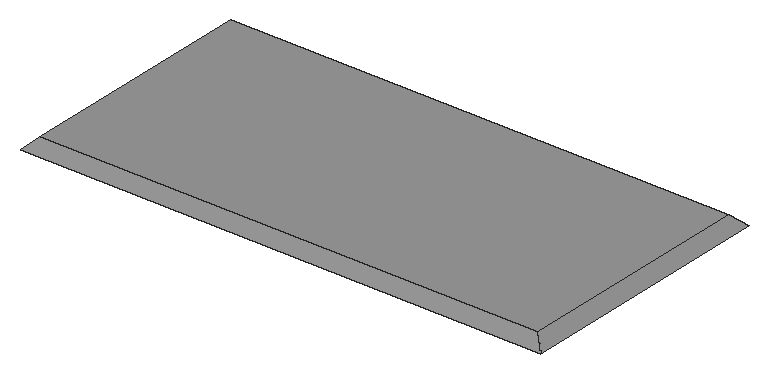
Revit family "Fabrisorb Panels - Bevel", category Generic Models, Revit 2016
Family settings
  Part Type = Normal
  Can host rebar = No
  Round Connector Dimension = Use Diameter
  Work Plane-Based = Yes
  Always vertical = No
  Cut with Voids When Loaded = No
  Shared = No
  Room Calculation Point = No
Parameters (values of type "2 INCH THICK - 48X96")
  URL = "https://www.acousticalsurfaces.com/fabric_panel/fabric-wrapped-wall-panels.html"
  Thickness = 0' - 2"
  Material = "Fabrisorb"
  Manufacturer = "Acoustical Surfaces, Inc."
  Finish = Guilford of Maine Anchorage or FR701 Acoustic Fabric
  Default Elevation = 4' - 0"
  Width = 4' - 0"
  Length = 8' - 0"
  A = Thickness / 2  # 0' - 1"
Types (6): name | Thickness | Width | Length | A
  2 INCH THICK - 48X96 | 0' - 2" | 4' - 0" | 8' - 0" | 0' - 1"
  2 INCH THICK - 24X48 | 0' - 2" | 2' - 0" | 4' - 0" | 0' - 1"
  2 INCH THICK - 24X24 | 0' - 2" | 2' - 0" | 2' - 0" | 0' - 1"
  1 INCH THICK - 48X96 | 0' - 1" | 4' - 0" | 8' - 0" | 0' - 0 1/2"
  1 INCH THICK - 24X48 | 0' - 1" | 2' - 0" | 4' - 0" | 0' - 0 1/2"
  1 INCH THICK - 24X24 | 0' - 1" | 2' - 0" | 2' - 0" | 0' - 0 1/2"
Reference planes (in)
  plane 1 "Center (Front/Back)": y = 0
  plane 2: z = 0
  plane 3 "Center (Left/Right)": x = 0
  plane 4: x = -48
  plane 5: x = 48
  plane 6: y = 24
  plane 7: y = -24
  plane 8: z = 2
Forms (in)
  Extrusion 1, solid, material "Guilford of Maine Anchorage or FR701 Acoustic Fabric" <- "Finish"
    sketch origin (0, 0, 0) x (1, 0, 0) y (0, 1, 0)
      loop
        line (48, 24) -> (-48, 24) -> (-48, -24) -> (48, -24) -> (48, 24)
    from 0 to 2
  Sweep 2, void
    path in 3D
      loop
        line (48, 24, 2) -> (-48, 24, 2) -> (-48, -24, 2) -> (48, -24, 2) -> (48, 24, 2)
    profile "Triangle : Family2" origin (48, 0, 2) x (-1, 0, 0) y (0, 0, 1)
      loop
        line (2, 0) -> (0, 0) -> (0, -2) -> (2, 0)
Cuts and joins
  Sweep 2 cuts Extrusion 1
Lines and regions (in)
  sketch lines
    curve 1: line (48, -24, 2) -> (48, 24, 2)
    curve 2: line (-48, -24, 2) -> (48, -24, 2)
    curve 3: line (-48, 24, 2) -> (-48, -24, 2)
    curve 4: line (48, 24, 2) -> (-48, 24, 2)
Dimensions and locks (in)
  equal spacing: plane 4, plane 3 "Center (Left/Right)", plane 5
  equal spacing: plane 7, plane 1 "Center (Front/Back)", plane 6
  "Width": plane 7 to plane 6
  "Length": plane 4 to plane 5
  "Thickness": plane 8 to level
  aligned and locked: level to plane 2
  aligned and locked: Extrusion 1 sketch curve to plane 4
  aligned and locked: plane 5 to Extrusion 1 sketch curve
  aligned and locked: Extrusion 1 sketch curve to plane 6
  aligned and locked: Extrusion 1 sketch curve to plane 7
  aligned and locked: Extrusion 1 to plane 8
